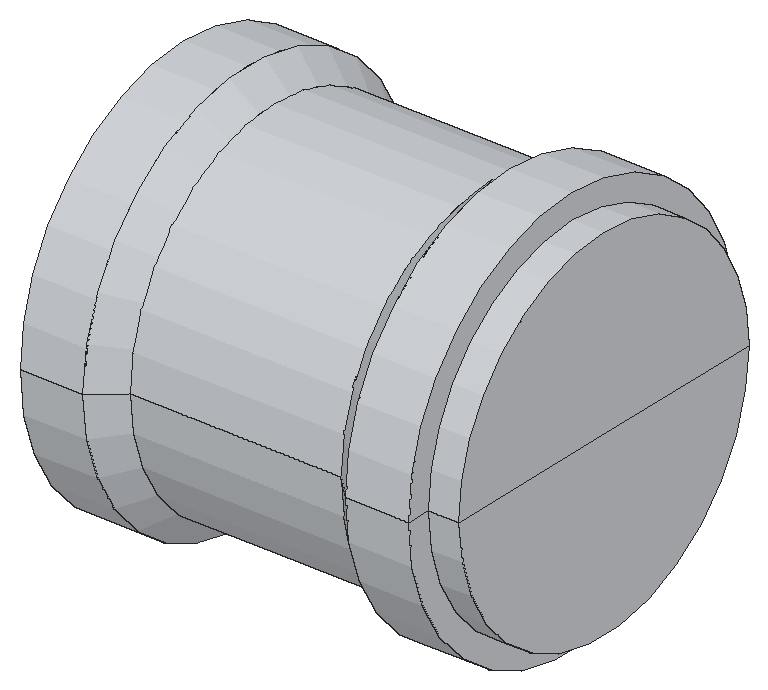
Revit family "Acoplamento - Soquete - DI", category Conexões de tubo, Revit 2019
Family settings
  Cota do conector redondo = Usar raio
  Tipo de parte = União
  Com base no plano de trabalho = Não
  Sempre na vertical = Sim
  Corte com vazios quando carregada = Não
  Compartilhado = Não
Parameters (values of type "Padrão")
  Tamanho da marca de revisão [instance] = 0.4 * Diâmetro externo da conexão  # 85.2 mm
  Raio nominal [instance] = 75 mm
  Diâmetro nominal [instance] = Raio nominal * 2  # 150 mm
  Método de perda = Coeficiente K da tabela
  Nome da tabela de pesquisa = "BR_Coupling - Socket - DI"
  Comprimento3 [instance] = (Diâmetro externo da conexão - Diâmetro nominal) / 5  # 12.6 mm
  Comprimento2 [instance] = Comprimento1 / 2  # 16.35 mm
  Comprimento1 [instance] = Comprimento * 0.15  # 32.7 mm
  Tabela de coeficiente K = "Redutor/Acoplamento/União/Redutor"
  Raio externo da conexão [instance] = Diâmetro externo da conexão / 2  # 106.5 mm
  Diâmetro externo da conexão [instance] = size_lookup(Nome da tabela de pesquisa, "FOD", 1.11 * Diâmetro nominal + 44.3 mm, (Diâmetro nominal))  # 213 mm
  Comprimento [instance] = size_lookup(Nome da tabela de pesquisa, "Lgt", 0.34 * Diâmetro nominal + 166.1 mm, (Diâmetro nominal))  # 218 mm
Reference planes
  plane 1 "Centro (frente/trás)": y = 0
  plane 2: z = 0
  plane 3 "Centro (direita/esquerda)": x = 0
  plane 4: x = -109
  plane 5: x = 109
  plane 6: y = 85.2
  plane 7: y = -85.2
  plane 8: y = 40
  plane 9: y = -40
  plane 10: z = 9.875
  plane 11: z = -9.875
Forms (mm)
  Revolve 1, solid, detail levels fine
    sketch origin (0, 0, 0) x (1, 0, 0) y (0, 1, 0)
      loop
        line (-109, 0) -> (109, 0) -> (109, 93.9) -> (92.65, 93.9) -> (92.65, 106.5) -> (59.95, 106.5) -> (47.35, 93.9) -> (-62.158, 93.9) -> (-76.3, 106.5) -> (-109, 106.5) -> (-109, 0)
      axis (-109, 0) -> (109, 0)
    angle from 0 to 360
Lines and regions (mm)
  model lines, detail levels coarse+medium
    curve 1: line (-109, 0, 0) -> (109, 0, 0)
    curve 2: line (-109, 85.2, 0) -> (-109, -85.2, 0)
    curve 3: line (109, 85.2, 0) -> (109, -85.2, 0)
Dimensions and locks
  equal spacing: plane 4, plane 3 "Centro (direita/esquerda)", plane 5
  "Comprimento": plane 4 to plane 5
  "Tamanho da marca de revisão": plane 6 to plane 1 "Centro (frente/trás)"
  "Tamanho da marca de revisão": plane 7 to plane 1 "Centro (frente/trás)"
  equal spacing: plane 10, plane 2, plane 11
  plane 10 to plane 11 = 19.75 mm
  "Comprimento1": Revolve 1 sketch curve to Revolve 1 sketch curve  (x2)
  "Comprimento3": Revolve 1 sketch curve to Revolve 1 sketch curve
  "Comprimento2": Revolve 1 sketch curve to plane 5
  "Raio externo da conexão": Revolve 1 sketch curve to Revolve 1 sketch curve
  aligned and locked: plane 5 to curve 1
  aligned and locked: plane 4 to curve 1
  aligned and locked: plane 1 "Centro (frente/trás)" to curve 1
  aligned and locked: plane 6 to curve 2
  aligned and locked: plane 7 to curve 2
  aligned and locked: curve 2 to plane 4
  aligned and locked: plane 7 to curve 3
  aligned and locked: plane 6 to curve 3
  aligned and locked: curve 3 to plane 5
  aligned and locked: plane 1 "Centro (frente/trás)" to Revolve 1 sketch curve
  aligned and locked: Revolve 1 sketch curve to Revolve 1 sketch curve  (x3)
  aligned and locked: plane 4 to Revolve 1 sketch curve
  aligned and locked: Revolve 1 sketch curve to plane 5
Automatic sketch dimensions
  Revolve 1 sketch curve to plane 4 = 20 mm
  Revolve 1 sketch curve to Revolve 1 sketch curve = 14.142 mm
  Revolve 1 sketch curve to Revolve 1 sketch curve = 12.6 mm
  Revolve 1 sketch curve to Revolve 1 sketch curve = 107 mm
Connectors
  piping at (-109, 0, 0), diameter 150, driven by "Raio nominal"
    settings: on Revolve 1, index 1, connector inside diameter 150 mm, connector length 0 mm, flow factor 0, pipe flow 0.0 L/s, pressure drop 0.0 Pa, fitting loss kfactor 0, connector angle 0.00°, fixture units 0, engagement length 0 mm, angle of deflection 0.00°, flow configuration 0, flow direction 0, fitting loss method 0, system type 28, joint type 0, gender type 0, connector reference index 2, connector utility 0, adjustable connector no, is connector primary yes, connector description ""
  piping at (109, 0, 0), diameter 150, driven by "Raio nominal"
    settings: on Revolve 1, index 2, connector inside diameter 150 mm, connector length 0 mm, flow factor 0, pipe flow 0.0 L/s, pressure drop 0.0 Pa, fitting loss kfactor 0, connector angle 0.00°, fixture units 0, engagement length 0 mm, angle of deflection 0.00°, flow configuration 0, flow direction 0, fitting loss method 0, system type 28, joint type 0, gender type 0, connector reference index 1, connector utility 0, adjustable connector no, is connector primary no, connector description ""
